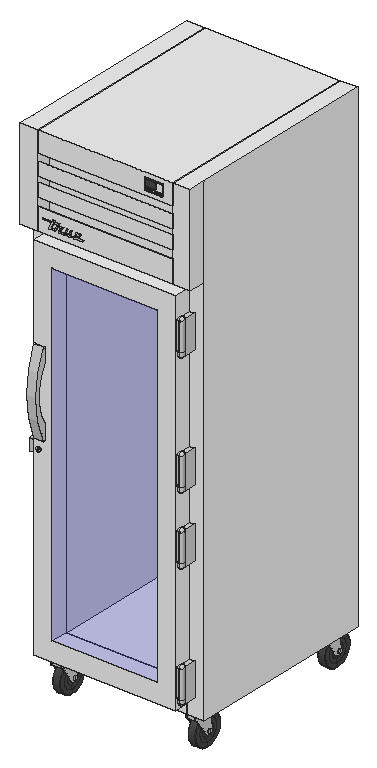
Revit family (continued)
Automatic sketch dimensions
  Revolve 31 sketch curve to Revolve 31 sketch curve = 1/4"
  Revolve 31 sketch curve to Revolve 31 sketch curve = 1/2"
  Revolve 31 sketch curve to Revolve 31 sketch curve = 0"
  Revolve 31 sketch curve to Revolve 31 sketch curve = 5/8"
  plane 7 to Revolve 31 sketch curve = 1 25/32"
  Revolve 32 sketch curve to plane 7 = 0.62954"
  Revolve 32 sketch curve to plane 4 "RIGHT" = 4.14082"
  Revolve 32 sketch curve to Revolve 32 sketch curve = 1.29707"
  Revolve 32 sketch curve to Revolve 32 sketch curve = 0"
  Revolve 32 sketch curve to Revolve 32 sketch curve = 0.10278"
  Revolve 32 sketch curve to plane 7 = 0.00141"
  plane 7 to Revolve 32 sketch curve = 0.26768"
  Extrusion 33 sketch curve to plane 7 = 0.63926"  (x2)
  Extrusion 33 sketch curve to plane 5 "FRONT" = 3.79864"
  Extrusion 33 sketch curve to Extrusion 33 sketch curve = 1/4"  (x2)
  Extrusion 33 sketch curve to Extrusion 33 sketch curve = 2 1/2"
  Extrusion 33 sketch curve to plane 7 = 0.93273"  (x2)
  Extrusion 33 sketch curve to Extrusion 33 sketch curve = 0.03603"
  plane 1 "BACK" to Extrusion 33 sketch curve = 3.8577"
  Extrusion 33 sketch curve to plane 7 = 1.24411"
  plane 1 "BACK" to Extrusion 33 sketch curve = 1.1077"
  Revolve 34 sketch curve to plane 4 "RIGHT" = 4.35148"
  Revolve 34 sketch curve to Revolve 34 sketch curve = 0.48273"
  Revolve 34 sketch curve to Revolve 34 sketch curve = 0.4"
  Revolve 34 sketch curve to Revolve 34 sketch curve = 0"  (x2)
  Revolve 34 sketch curve to Revolve 34 sketch curve = 0.1"  (x2)
  Revolve 34 sketch curve to Revolve 34 sketch curve = 0.16101"
  Revolve 34 sketch curve to Revolve 34 sketch curve = 0.75408"
  Revolve 34 sketch curve to Revolve 34 sketch curve = 0.92798"
  Revolve 34 sketch curve to Revolve 34 sketch curve = 0.06101"
  Revolve 34 sketch curve to Revolve 34 sketch curve = 1/2"
  Revolve 34 sketch curve to Revolve 34 sketch curve = 0.16509"
  Revolve 34 sketch curve to Revolve 34 sketch curve = 0.39592"
  level to Revolve 34 sketch curve = 2 1/2"
  Revolve 34 sketch curve to Revolve 34 sketch curve = 0.29941"  (x2)
  Revolve 34 sketch curve to Revolve 34 sketch curve = 3/4"  (x4)
  Revolve 34 sketch curve to Revolve 34 sketch curve = 0.59652"
  Revolve 34 sketch curve to Revolve 34 sketch curve = 0.60059"
  plane 3 "LEFT" to Revolve 35 sketch curve = 1.33602"
  Revolve 35 sketch curve to Revolve 35 sketch curve = 0.48273"
  Revolve 35 sketch curve to plane 8 = 5/8"  (x2)
  Revolve 35 sketch curve to Revolve 35 sketch curve = 0.1"  (x2)
  Revolve 35 sketch curve to Revolve 35 sketch curve = 0.16101"
  plane 8 to Revolve 35 sketch curve = 0.12908"
  plane 8 to Revolve 35 sketch curve = 0.46399"
  plane 8 to Revolve 35 sketch curve = 0.525"
  Revolve 35 sketch curve to Revolve 35 sketch curve = 1/2"
  Revolve 35 sketch curve to Revolve 35 sketch curve = 0.16509"
  Revolve 35 sketch curve to Revolve 35 sketch curve = 0.39592"
  level to Revolve 35 sketch curve = 2 1/2"
  Revolve 35 sketch curve to Revolve 35 sketch curve = 0"
  Revolve 35 sketch curve to Revolve 35 sketch curve = 0.29941"  (x2)
  Revolve 35 sketch curve to Revolve 35 sketch curve = 3/4"  (x4)
  Revolve 35 sketch curve to Revolve 35 sketch curve = 0.59652"
  Revolve 35 sketch curve to Revolve 35 sketch curve = 0.60059"
  Extrusion 36 sketch curve to plane 7 = 0.63926"  (x2)
  Extrusion 36 sketch curve to plane 5 "FRONT" = 3.79864"
  Extrusion 36 sketch curve to Extrusion 36 sketch curve = 1/4"  (x2)
  level to Extrusion 36 sketch curve = 2.18736"  (x2)
  Extrusion 36 sketch curve to Extrusion 36 sketch curve = 1.7492"
  Extrusion 36 sketch curve to Extrusion 36 sketch curve = 0.50669"  (x2)
  Extrusion 36 sketch curve to Extrusion 36 sketch curve = 2 1/2"
  level to Extrusion 36 sketch curve = 2.59003"
  Extrusion 36 sketch curve to Extrusion 36 sketch curve = 0.59966"  (x2)
  plane 1 "BACK" to Extrusion 36 sketch curve = 3.8577"
  plane 1 "BACK" to Extrusion 36 sketch curve = 1.8585"
  plane 1 "BACK" to Extrusion 36 sketch curve = 1.1077"
  Extrusion 36 sketch curve to Extrusion 36 sketch curve = 0.32905"
  Extrusion 36 sketch curve to Extrusion 36 sketch curve = 0.60485"  (x2)
  Extrusion 37 sketch curve to plane 7 = 0.63926"  (x2)
  Extrusion 37 sketch curve to plane 5 "FRONT" = 3.79864"
  Extrusion 37 sketch curve to Extrusion 37 sketch curve = 1/4"  (x2)
  level to Extrusion 37 sketch curve = 2.18736"  (x2)
  Extrusion 37 sketch curve to Extrusion 37 sketch curve = 1.7492"
  Extrusion 37 sketch curve to Extrusion 37 sketch curve = 0.50669"  (x2)
  Extrusion 37 sketch curve to Extrusion 37 sketch curve = 2 1/2"
  level to Extrusion 37 sketch curve = 2.59003"
  Extrusion 37 sketch curve to Extrusion 37 sketch curve = 0.59966"  (x2)
  plane 1 "BACK" to Extrusion 37 sketch curve = 3.8577"
  plane 1 "BACK" to Extrusion 37 sketch curve = 1.8585"
  plane 1 "BACK" to Extrusion 37 sketch curve = 1.1077"
  Extrusion 37 sketch curve to Extrusion 37 sketch curve = 0.32905"
  Extrusion 37 sketch curve to Extrusion 37 sketch curve = 0.60485"  (x2)
  Revolve 38 sketch curve to plane 8 = 0"  (x2)
  Revolve 38 sketch curve to plane 7 = 0.62954"
  Revolve 38 sketch curve to plane 8 = 1.29707"
  Revolve 38 sketch curve to Revolve 38 sketch curve = 0.10278"
  Revolve 38 sketch curve to plane 7 = 0.00141"
  plane 7 to Revolve 38 sketch curve = 0.26768"
  Revolve 39 sketch curve to level = 0"
  Revolve 39 sketch curve to plane 8 = 0"  (x2)
  Revolve 39 sketch curve to plane 8 = 1/2"
  Revolve 39 sketch curve to Revolve 39 sketch curve = 1/4"
  Revolve 39 sketch curve to plane 7 = 0"
  Revolve 39 sketch curve to plane 8 = 1.33338"
  level to Revolve 39 sketch curve = 1"
  Revolve 39 sketch curve to Revolve 39 sketch curve = 5/8"
  plane 7 to Revolve 39 sketch curve = 1 25/32"
  Revolve 40 sketch curve to level = 0"
  Revolve 40 sketch curve to plane 8 = 0"  (x2)
  Revolve 40 sketch curve to plane 8 = 1/2"
  Revolve 40 sketch curve to Revolve 40 sketch curve = 1/4"
  Revolve 40 sketch curve to plane 7 = 0"
  Revolve 40 sketch curve to plane 8 = 1.33338"
  level to Revolve 40 sketch curve = 1"
  Revolve 40 sketch curve to Revolve 40 sketch curve = 5/8"
  plane 7 to Revolve 40 sketch curve = 1 25/32"
  Revolve 41 sketch curve to plane 8 = 0"  (x2)
  Revolve 41 sketch curve to plane 7 = 0.62954"
  Revolve 41 sketch curve to plane 8 = 1.29707"
  Revolve 41 sketch curve to Revolve 41 sketch curve = 0.10278"
  Revolve 41 sketch curve to plane 7 = 0.00141"
  plane 7 to Revolve 41 sketch curve = 0.26768"
  Extrusion 42 sketch curve to plane 7 = 0.63926"  (x2)
  Extrusion 42 sketch curve to plane 5 "FRONT" = 3.79864"
  Extrusion 42 sketch curve to Extrusion 42 sketch curve = 1/4"  (x2)
  Extrusion 42 sketch curve to Extrusion 42 sketch curve = 2 1/2"
  Extrusion 42 sketch curve to plane 7 = 0.93273"  (x2)
  Extrusion 42 sketch curve to Extrusion 42 sketch curve = 0.03603"
  plane 1 "BACK" to Extrusion 42 sketch curve = 3.8577"
  Extrusion 42 sketch curve to plane 7 = 1.24411"
  plane 1 "BACK" to Extrusion 42 sketch curve = 1.1077"
  plane 3 "LEFT" to Revolve 43 sketch curve = 1.33602"
  Revolve 43 sketch curve to Revolve 43 sketch curve = 0.48273"
  Revolve 43 sketch curve to plane 8 = 5/8"  (x2)
  Revolve 43 sketch curve to Revolve 43 sketch curve = 0.1"  (x2)
  Revolve 43 sketch curve to Revolve 43 sketch curve = 0.16101"
  plane 8 to Revolve 43 sketch curve = 0.12908"
  plane 8 to Revolve 43 sketch curve = 0.46399"
  plane 8 to Revolve 43 sketch curve = 0.525"
  Revolve 43 sketch curve to Revolve 43 sketch curve = 1/2"
  Revolve 43 sketch curve to Revolve 43 sketch curve = 0.16509"
  Revolve 43 sketch curve to Revolve 43 sketch curve = 0.39592"
  level to Revolve 43 sketch curve = 2 1/2"
  Revolve 43 sketch curve to Revolve 43 sketch curve = 0"
  Revolve 43 sketch curve to Revolve 43 sketch curve = 0.29941"  (x2)
  Revolve 43 sketch curve to Revolve 43 sketch curve = 3/4"  (x4)
  Revolve 43 sketch curve to Revolve 43 sketch curve = 0.59652"
  Revolve 43 sketch curve to Revolve 43 sketch curve = 0.60059"
  plane 5 "FRONT" to Extrusion 44 sketch curve = 0"
  Extrusion 44 sketch curve to plane 8 = 11/16"
  Extrusion 44 sketch curve to plane 4 "RIGHT" = 2 3/8"
  plane 8 to Extrusion 45 sketch curve = 2 11/32"
  Extrusion 45 sketch curve to plane 4 "RIGHT" = 5 9/32"
  plane 7 to Extrusion 45 sketch curve = 4 29/32"
  Extrusion 45 sketch curve to plane 6 "TOP" = 19 5/32"
  Extrusion 46 sketch curve to plane 8 = 0"
  Extrusion 46 sketch curve to plane 5 "FRONT" = 5.09023"
  Extrusion 47 sketch curve to plane 8 = 0"
  plane 1 "BACK" to Extrusion 47 sketch curve = 2.69102"
  Extrusion 48 sketch curve to plane 4 "RIGHT" = 2 27/32"
  plane 1 "BACK" to Extrusion 48 sketch curve = 2.69102"
  Extrusion 49 sketch curve to plane 4 "RIGHT" = 2 27/32"
  Extrusion 49 sketch curve to plane 5 "FRONT" = 5.09023"
  Extrusion 3 sketch curve to plane 9 = 0"  (x4)
  Extrusion 3 sketch curve to plane 6 "TOP" = 0"
  plane 9 to Extrusion 3 sketch curve = 2.2042"
  Extrusion 3 sketch curve to Extrusion 3 sketch curve = 0"  (x3)
  plane 1 "BACK" to Extrusion 3 sketch curve = 0"
  Extrusion 3 sketch curve to plane 6 "TOP" = 3.34422"
  Extrusion 3 sketch curve to Extrusion 3 sketch curve = 1.12227"  (x2)
  Extrusion 3 sketch curve to Extrusion 3 sketch curve = 0.445"
  Extrusion 3 sketch curve to Extrusion 3 sketch curve = 2.13371"  (x2)
  Extrusion 3 sketch curve to Extrusion 3 sketch curve = 0.96076"  (x2)
  Extrusion 3 sketch curve to Extrusion 3 sketch curve = 2.0962"  (x2)
  Extrusion 3 sketch curve to Extrusion 3 sketch curve = 1.27557"  (x2)
  Extrusion 3 sketch curve to Extrusion 3 sketch curve = 2 1/8"
  plane 7 to Extrusion 3 sketch curve = 2.86127"
  Extrusion 3 sketch curve to plane 7 = 0"
  Extrusion 3 sketch curve to Extrusion 3 sketch curve = 2"
  plane 9 to Extrusion 3 sketch curve = 2.7042"  (x2)
  Extrusion 3 sketch curve to Extrusion 3 sketch curve = 2 1/2"
  Extrusion 3 sketch curve to Extrusion 3 sketch curve = 1"
  curve 5 to plane 3 "LEFT" = 0"
  plane 5 "FRONT" to curve 23 = 0"
  plane 1 "BACK" to curve 4 = 0"
  curve 4 to plane 4 "RIGHT" = 0"
  plane 3 "LEFT" to curve 11 = 1.20097"
  plane 3 "LEFT" to curve 7 = 1.20097"
  curve 23 to plane 8 = 11/16"
  curve 26 to plane 8 = 0.36903"
  curve 8 to plane 8 = 11/32"
  curve 13 to plane 8 = 11/32"
  plane 8 to curve 7 = 0.98222"
  plane 1 "BACK" to curve 11 = 0.4208"
  plane 8 to curve 11 = 0.98222"
  plane 8 to curve 25 = 1.13097"
  curve 16 to plane 4 "RIGHT" = 5.39157"
  curve 19 to plane 4 "RIGHT" = 5.29782"
  curve 15 to curve 16 = 1.29904"
  curve 19 to curve 20 = 1.29904"
  plane 1 "BACK" to curve 14 = 0.4208"
  curve 14 to plane 4 "RIGHT" = 2.76657"
  curve 18 to plane 4 "RIGHT" = 2.67282"
  curve 22 to plane 4 "RIGHT" = 2 3/8"
  curve 24 to curve 24 = 1.63415"
  curve 27 to curve 24 = 0.2"
  curve 5 to plane 5 "FRONT" = 2 1/4"
  curve 21 to plane 5 "FRONT" = 3.92849"
  curve 5 to curve 9 = 1.78257"
  curve 20 to curve 20 = 3/4"
  curve 8 to curve 7 = 3/4"
  curve 13 to curve 10 = 5.29663"
  curve 16 to curve 14 = 5.29663"
  radius of Extrusion 8 sketch curve = 0.35"
  radius of Extrusion 12 sketch curve = 1/4"
  radius of Extrusion 46 sketch curve = 1 1/2"
  radius of Extrusion 47 sketch curve = 1 1/2"
  radius of Extrusion 48 sketch curve = 1 1/2"
  radius of Extrusion 49 sketch curve = 1 1/2"
Connectors (in)
  electrical at (24.25, -0.0625, 82), driven by "Volts", driven by "Watts"
    settings: on Extrusion 12, index 1, voltage 208 V, apparent load 1500 VA, apparent load phase1 0 VA, apparent load phase2 0 VA, apparent load phase3 0 VA, power factor 1, load classification "Other", number of poles 1, system type 30, power factor state 1, is connector primary yes, connector utility no, sub classification motor no, connector description "Electrical Connection"
